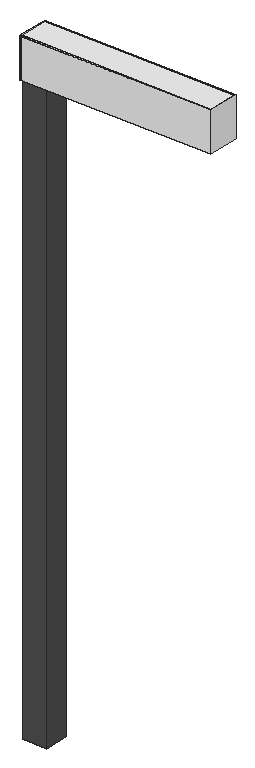
Revit family "Poste de iluminação - Quadrado", category Luminárias, Revit 2019
Family settings
  Cota do conector redondo = Utilizar diâmetro
  Tipo de parte = Normal
  Número OmniClass = 23.80.70.00
  Título OmniClass = Lighting
  Com base no plano de trabalho = Não
  Sempre na vertical = Sim
  Corte com vazios quando carregada = Não
  Fonte luminosa = Sim
  Compartilhado = Não
  Ponto de cálculo do ambiente = Não
Parameters
  Largura = 130 mm
  Wattage = 55 W
  built-in parameter 1150110 = 1 (stored number, unit not read)
  built-in parameter 1114217 = 1 (stored number, unit not read)
  Tilt Angle = 90.00°
  built-in parameter 1150109 = 1 (stored number, unit not read)
  built-in parameter 1150134 = (empty or 0)
  built-in parameter 1150113 = 1 (stored number, unit not read)
  built-in parameter 1010507 = 1.5708 (stored number, unit not read)
  built-in parameter 1010506 = 0.5236 (stored number, unit not read)
  Material de sombra = Vidro, Branco, Alta Luminosidade
  Comprimento = 710 mm
  Altura = 2600 mm
  Lumens = 8169.81 lm
  built-in parameter 1150115 = 1 (stored number, unit not read)
  built-in parameter 1150105 = 27316.3 (stored number, unit not read)
  Comprimento do símbolo da fonte luminosa = Altura  # 2600 mm
  built-in parameter 1150137 = (empty or 0)
  built-in parameter 1150139 = (empty or 0)
  Material da luminária = Metal - Alum
  built-in parameter 1150112 = 1 (stored number, unit not read)
  built-in parameter 1150114 = 1 (stored number, unit not read)
  built-in parameter 1150132 = (empty or 0)
  built-in parameter 1150102 = (empty or 0)
  built-in parameter 1150138 = (empty or 0)
  built-in parameter 1150107 = 3000 (stored number, unit not read)
  built-in parameter 1150106 = 273.16 (stored number, unit not read)
  Altura da luminária = 168 mm
  Emitir do comprimento da linha = 636 mm
  built-in parameter 1150104 = 13.8 (stored number, unit not read)
  Troca de temperatura da cor de lâmpada com esmaecimento = <Nenhum>
  Largura da coluna = 100 mm
  Material da coluna = Metal - Cromo
  Color Filter = 16777215
  built-in parameter 1114218 = 1 (stored number, unit not read)
  built-in parameter 1150133 = 10 (stored number, unit not read)
Reference planes
  plane 1 "Eixo de origem da luz (F/T)": y = 0
  plane 2: z = 0
  plane 3 "Eixo de origem da luz (E/D)": x = 0
  plane 4 "Elevação da origem da luz": z = 2600
  plane 5: z = 2684
  plane 6: z = 2516
  plane 7: z = 2660
  plane 8: z = 2540
  plane 9: z = 2682
  plane 10: z = 2518
  plane 11: z = 2518
  plane 12: y = -540
  plane 13: y = 65
  plane 14: x = -455
  plane 15: x = -355
  plane 16: y = 50
  plane 17: y = -50
  plane 18: y = 10
  plane 19: y = -10
  plane 20: y = -65
  plane 21: y = 63
  plane 22: y = -63
  plane 23: x = -453
  plane 24: x = 355
  plane 25: x = 353
  plane 26: y = 58
  plane 27: y = -60
  plane 28: x = -350
  plane 29: x = 348
Forms (mm)
  Extrusion 1, solid, material "Metal - Alum" <- "Material da luminária"
    sketch origin (0, 0, 0) x (1, 0, 0) y (0, 1, 0)
      loop
        line (-455, 65) -> (-455, -65) -> (355, -65) -> (355, 65) -> (-455, 65)
      loop
        line (-453, 63) -> (-453, -63) -> (353, -63) -> (353, 63) -> (-453, 63)
    from 2516 to 2684
  Extrusion 2, solid, material "Metal - Alum" <- "Material da luminária"
    sketch origin (0, 0, 0) x (1, 0, 0) y (0, 1, 0)
      loop
        line (-453, 63) -> (-453, -63) -> (353, -63) -> (353, 63) -> (-453, 63)
    from 2682 to 2684
  Extrusion 3, solid, material "Metal - Alum" <- "Material da luminária"
    sketch origin (0, 0, 0) x (1, 0, 0) y (0, 1, 0)
      loop
        line (-453, 63) -> (-453, -63) -> (353, -63) -> (353, 63) -> (-453, 63)
      loop
        line (-350, 58) -> (-350, -60) -> (348, -60) -> (348, 58) -> (-350, 58)
    from 2516 to 2518
  Extrusion 4, solid, material "Vidro, Branco, Alta Luminosidade" <- "Material de sombra"
    sketch origin (0, 0, 0) x (1, 0, 0) y (0, 1, 0)
      loop
        line (-350, 58) -> (-350, -60) -> (348, -60) -> (348, 58) -> (-350, 58)
    from 2516 to 2518
  Extrusion 5, solid, material "Metal - Cromo" <- "Material da coluna"
    sketch origin (0, 0, 0) x (1, 0, 0) y (0, 1, 0)
      loop
        line (-455, 50) -> (-455, -50) -> (-355, -50) -> (-355, 50) -> (-455, 50)
    from 0 to 2516
Dimensions and locks
  "Altura": plane 4 "Elevação da origem da luz" to plane 2
  equal spacing: plane 5, plane 4 "Elevação da origem da luz", plane 6
  "Altura da luminária": plane 5 to plane 6
  plane 7 to plane 4 "Elevação da origem da luz" to plane 8 = 60 mm locked, 60 mm locked
  locked: plane 5 to plane 9 at 2
  locked: plane 10 to plane 6 at 2
  locked: plane 11 to plane 6 at 2
  locked: plane 13 to plane 12 at 605
  "Largura da coluna": plane 14 to plane 15
  equal spacing: plane 16, plane 1 "Eixo de origem da luz (F/T)", plane 17
  "Largura da coluna": plane 16 to plane 17
  plane 18 to plane 1 "Eixo de origem da luz (F/T)" to plane 19 = 10 mm locked, 10 mm locked
  equal spacing: plane 20, plane 1 "Eixo de origem da luz (F/T)", plane 13
  "Largura": plane 13 to plane 20
  locked: plane 13 to plane 21 at 2
  locked: plane 20 to plane 22 at 2
  locked: plane 14 to plane 23 at 2
  equal spacing: plane 15, plane 3 "Eixo de origem da luz (E/D)", plane 24
  "Comprimento": plane 15 to plane 24
  locked: plane 25 to plane 24 at 2
  locked: plane 15 to plane 28 at 5
  locked: plane 21 to plane 26 at 5
  locked: plane 20 to plane 27 at 5
  locked: plane 29 to plane 25 at 5
  aligned and locked: imposter light to plane 3 "Eixo de origem da luz (E/D)"
  aligned and locked: plane 1 "Eixo de origem da luz (F/T)" to imposter light
  aligned and locked: plane 4 "Elevação da origem da luz" to imposter light
  aligned and locked: level to plane 2
  aligned and locked: plane 5 to Extrusion 1
  aligned and locked: Extrusion 1 to plane 6
  aligned and locked: plane 5 to Extrusion 2
  aligned and locked: Extrusion 2 to plane 9
  aligned and locked: plane 11 to Extrusion 3
  aligned and locked: Extrusion 3 to plane 6
  aligned and locked: plane 10 to Extrusion 4
  aligned and locked: Extrusion 4 to plane 6
  aligned and locked: Extrusion 5 to plane 2
  aligned and locked: Extrusion 5 sketch curve to plane 16
  aligned and locked: plane 14 to Extrusion 5 sketch curve
  aligned and locked: Extrusion 5 sketch curve to plane 17
  aligned and locked: Extrusion 5 sketch curve to plane 15
  aligned and locked: plane 23 to Extrusion 1 sketch curve
  aligned and locked: Extrusion 1 sketch curve to plane 21
  aligned and locked: Extrusion 1 sketch curve to plane 25
  aligned and locked: Extrusion 1 sketch curve to plane 22
  aligned and locked: Extrusion 1 sketch curve to plane 24
  aligned and locked: plane 14 to Extrusion 1 sketch curve
  aligned and locked: plane 20 to Extrusion 1 sketch curve
  aligned and locked: plane 13 to Extrusion 1 sketch curve
  aligned and locked: plane 6 to Extrusion 5
  aligned and locked: Extrusion 2 sketch curve to plane 25
  aligned and locked: Extrusion 2 sketch curve to plane 22
  aligned and locked: plane 23 to Extrusion 2 sketch curve
  aligned and locked: Extrusion 2 sketch curve to plane 21
  aligned and locked: Extrusion 3 sketch curve to plane 21
  aligned and locked: plane 23 to Extrusion 3 sketch curve
  aligned and locked: Extrusion 3 sketch curve to plane 22
  aligned and locked: Extrusion 3 sketch curve to plane 25
  aligned and locked: Extrusion 3 sketch curve to plane 26
  aligned and locked: plane 28 to Extrusion 3 sketch curve
  aligned and locked: Extrusion 3 sketch curve to plane 27
  aligned and locked: Extrusion 3 sketch curve to plane 29
  aligned and locked: plane 28 to Extrusion 4 sketch curve
  aligned and locked: Extrusion 4 sketch curve to plane 26
  aligned and locked: Extrusion 4 sketch curve to plane 29
  aligned and locked: Extrusion 4 sketch curve to plane 27
